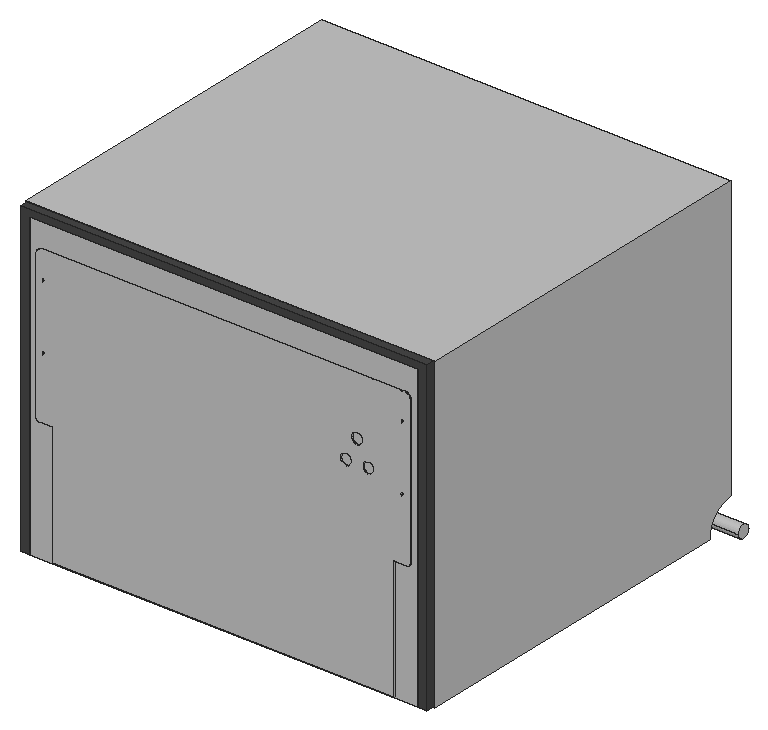
Revit family "FP_Revit_18_DD24STX6HI1_DishDrawer_90001205A", category Specialty Equipment, Revit 2018
Family settings
  Round Connector Dimension = Use Diameter
  Part Type = Normal
  OmniClass Number = 23.40.40.14.31
  OmniClass Title = Cleaning and Disposal Equipment
  Work Plane-Based = No
  Always vertical = Yes
  Cut with Voids When Loaded = Yes
  Shared = No
  Room Calculation Point = No
Parameters (values of type "DD24STX6HI1")
  Visibility - Door Panel = no
  Visibility - Clearance Required = yes
  URL = "www.fisherpaykel.com"
  Product - Width = 599 mm  # constant formula
  Product - Height = 454 mm  # constant formula
  Product - Depth = 571 mm  # constant formula
  Panel - Depth [instance] = 18 mm
  Model = "DD24STX6HI1"
  Material - Trim = Fisher & Paykel - Black
  Material - Front = Fisher & Paykel - Stainless Steel
  Material - Body = Fisher & Paykel - Grey
  Manufacturer = "Fisher & Paykel Appliances"
  FFL Offset [instance] = 406 mm
  Description = "24\" DishDrawer, Integrated"
  Connector Description - Water = "Supplied hose to suit 3/8\" (9 mm) male compression fitting"
  Connector Description - Venting = "Vent Ducting Kit Provided, refer to instalation guide"
  Connector Description - Sanitary = "Drain Hose, No Fitting Required"
  Connector Description - Electrical = "120 V, 60 Hz, 15A, fused electrical supply"
  Chassis - Depth = 553 mm  # constant formula
  Cavity - Width = 600 mm  # constant formula
  Cavity - Depth (excluding front panel) = 560 mm  # constant formula
Types (3, lengths in mm): name | Model
  (no name) | "DD24STX6HI1"
  DD24STX6I1 | "DD24STX6I1"
  DD24STX6HI1 | "DD24STX6HI1"
Reference planes
  plane 1 "Datum": y = 0
  plane 2: z = 0
  plane 3 "Center (Left/Right)": x = 0
  plane 4: z = 0
  plane 5 "Product LHS": x = -299.5
  plane 6 "Product RHS": x = 299.5
  plane 7 "Product - Depth": y = 553
  plane 8 "Cavity LHS": x = -300
  plane 9 "Cavity RHS": x = 300
  plane 10 "Cavity - Depth": y = 560
  plane 11 "FFL Offset": z = 406
  plane 12 "Product - Height": z = 860
  plane 13 "Cavity - Height": z = 862
  plane 14 "Door Panel - Depth": y = -18
Forms (mm)
  Extrusion 1, solid, material "Fisher & Paykel - Grey" <- "Material - Body"
    sketch origin (0, 0, 0) x (0, 1, 0) y (0, 0, 1)
      loop
        line (12.5, 860) -> (12.5, 406) -> (510.35, 406) -> (510.35, 450.298) -> (553, 450.298) -> (553, 860) -> (12.5, 860)
    from -299.5 to 299.5
  Extrusion 2, solid, material "Fisher & Paykel - Grey" <- "Material - Body", detail levels fine
    sketch origin (0, 0, 0) x (1, 0, 0) y (0, 0, 1)
      loop
        line (-274, 805.176) -> (-274, 591.952)
        arc (-274, 591.952) -> (-272.536, 588.416) -> (-269, 586.952) r 5
        line (-269, 586.952) -> (-250, 586.952) -> (-250, 408.926) -> (250, 408.926) -> (250, 586.952) -> (269, 586.952)
        arc (269, 586.952) -> (272.536, 588.416) -> (274, 591.952) r 5
        line (274, 591.952) -> (274, 805.176)
        arc (274, 805.176) -> (271.071, 812.247) -> (264, 815.176) r 10
        line (264, 815.176) -> (-264, 815.176)
        arc (-264, 815.176) -> (-271.071, 812.247) -> (-274, 805.176) r 10
      loop
        circle (262.5, 774.452) r 1.941
      loop
        circle (262.5, 678.952) r 2
      loop
        circle (-262.5, 774.452) r 1.941
      loop
        circle (-262.5, 678.952) r 2
      loop
        circle (196.5, 728.952) r 8
      loop
        circle (213, 695.952) r 8
      loop
        circle (180, 695.952) r 8
    from 0 to 0.8
  Extrusion 3, solid, material "Fisher & Paykel - Black" <- "Material - Trim"
    sketch origin (0, 0, 0) x (1, 0, 0) y (0, 0, 1)
      loop
        line (-297.5, 860) -> (-297.5, 407) -> (-283.999, 407) -> (-283.999, 850) -> (284, 850) -> (284, 407) -> (297.5, 407) -> (297.5, 860) -> (-297.5, 860)
    from -12.5 to 0
  Sweep 4, solid, material "Fisher & Paykel - Grey" <- "Material - Body", detail levels medium+fine
    path origin (0, 537.938, 5) x (1, 0, 0) y (0, 0, 1)
      loop
        line (-134.5, 445.298) -> (-134.5, 432.132)
        arc (-134.5, 432.132) -> (-140.358, 417.989) -> (-154.5, 412.132) r 20
        line (-154.5, 412.132) -> (-349.5, 412.132)
    profile origin (-134.5, 537.938, 443.715) x (0, -1, 0) y (1, 0, 0)
      loop
        circle (0, 0) r 9
  Sweep 5, solid, material "Fisher & Paykel - Grey" <- "Material - Body", detail levels medium+fine
    path origin (0, 0, 0) x (1, 0, 0) y (0, 0, 1)
      loop
        line (-349.186, 414.851) -> (-218.186, 414.851)
        arc (-218.186, 414.851) -> (-204.044, 420.709) -> (-198.186, 434.851) r 20
        line (-198.186, 434.851) -> (-198.186, 450.298)
    profile origin (-198.186, 0, 442.575) x (-1, 0, 0) y (0, -1, 0)
      loop
        circle (0, -524.105) r 5
  Extrusion 6, solid, material "Fisher & Paykel - Clearance Required", visible <- "Visibility - Clearance Required", detail levels coarse
    sketch origin (0, 0, 0) x (0, 1, 0) y (0, 0, 1)
      loop
        line (-18, 406) -> (-18, 860) -> (-545, 860) -> (-545, 791) -> (-586, 791) -> (-586, 774.997) -> (-545, 774.997) -> (-545, 406) -> (-18, 406)
    from -300 to 300
  Extrusion 7, solid, material "Fisher & Paykel - Clearance Required", visible <- "Visibility - Clearance Required", detail levels coarse
    sketch origin (0, 0, 0) x (1, 0, 0) y (0, 1, 0)
      loop
        line (300, 560) -> (-300, 560) -> (-300, -18) -> (300, -18) -> (300, 560)
    from 406 to 862
  Extrusion 8, solid, material "Fisher & Paykel - Grey" <- "Material - Body"
    sketch origin (0, 0, 0) x (1, 0, 0) y (0, 0, 1)
      loop
        line (-283.999, 850) -> (-283.999, 407) -> (284, 407) -> (284, 850) -> (-283.999, 850)
    from -12.5 to 0
  Extrusion 9, solid, material "Fisher & Paykel - Grey" <- "Material - Body", detail levels fine
    sketch origin (0, 0, 0) x (0, 1, 0) y (0, 0, 1)
      loop
        arc (545.956, 440.845) -> (549.529, 442.356) -> (550.933, 445.972) r 4.979
        line (550.933, 445.972) -> (550.933, 450.298) -> (510.35, 450.298) -> (510.35, 422.689) -> (530.184, 440.845) -> (545.956, 440.845)
    from -229.8 to -91.607
  Sweep 10, solid, material "Fisher & Paykel - Grey" <- "Material - Body", detail levels medium+fine
    path origin (0, 0, 0) x (1, 0, 0) y (0, 1, 0)
      loop
        line (-47.875, 510.35) -> (-47.875, 529.222)
        arc (-47.875, 529.222) -> (-52.269, 539.828) -> (-62.875, 544.222) r 15
        line (-62.875, 544.222) -> (-349.5, 544.222)
    profile origin (-47.875, 519.786, 0) x (-1, 0, 0) y (0, 0, 1)
      loop
        circle (0, 430.3) r 5
  Extrusion 11, solid, material "Fisher & Paykel - Grey" <- "Material - Body"
    sketch origin (0, 0, 0) x (0, 1, 0) y (0, 0, 1)
      loop
        line (510.35, 450.298) -> (510.35, 406) -> (514.35, 406)
        arc (514.35, 406) -> (525.48, 434.009) -> (553, 446.298) r 40
        line (553, 446.298) -> (553, 450.298) -> (510.35, 450.298)
    from 288.5 to 299.5
  Extrusion 12, solid, material "Fisher & Paykel - Grey" <- "Material - Body"
    sketch origin (0, 0, 0) x (0, 1, 0) y (0, 0, -1)
      loop
        line (510.35, -450.298) -> (553, -450.298) -> (553, -446.298)
        arc (553, -446.298) -> (525.48, -434.009) -> (514.35, -406) r 40
        line (514.35, -406) -> (510.35, -406) -> (510.35, -450.298)
    from 288.5 to 299.5
  Extrusion 13, solid, material "Fisher & Paykel - Stainless Steel" <- "Material - Front", visible <- "Visibility - Door Panel", detail levels fine
    sketch origin (0, 0, -1.893) x (1, 0, 0) y (0, 0, 1)
      loop
        line (-298, 861.893) -> (-298, 409.893) -> (298, 409.893) -> (298, 861.893) -> (-298, 861.893)
    from 0.8 to 18
  Sweep 14, solid, material "Fisher & Paykel - Grey" <- "Material - Body", detail levels medium+fine
    path origin (0, 537.938, 5) x (1, 0, 0) y (0, 0, 1)
      loop
        line (200, 445.298) -> (200, 432.132)
        arc (200, 432.132) -> (205.858, 417.989) -> (220, 412.132) r 20
        line (220, 412.132) -> (330, 412.132)
    profile origin (200, 537.938, 443.715) x (0, -1, 0) y (1, 0, 0)
      loop
        circle (0, 0) r 9
  Extrusion 15, void
    sketch origin (0, 0, 0) x (1, 0, 0) y (0, 1, 0)
      loop
        line (300, 560) -> (-300, 560) -> (-300, -18) -> (300, -18) -> (300, 560)
    from 406 to 862
Cuts and joins
  joined: Extrusion 1, Extrusion 11, Extrusion 12
Text (mm)
  text "Due to ongoing product development, product details are subject to change without notice. \nPlease always refer to www.fisherpaykel.com for the most current product information. \n© Fisher & Paykel 2020" at (41.04, -690.05, 0), in view "Ref. Level (Plan)"
Dimensions and locks
  equal spacing: plane 5 "Product LHS", plane 3 "Center (Left/Right)", plane 6 "Product RHS"
  "Product - Width": plane 5 "Product LHS" to plane 6 "Product RHS"
  "Chassis - Depth": plane 1 "Datum" to plane 7 "Product - Depth"
  equal spacing: plane 8 "Cavity LHS", plane 3 "Center (Left/Right)", plane 9 "Cavity RHS"
  "Cavity - Width": plane 8 "Cavity LHS" to plane 9 "Cavity RHS"
  Extrusion 1 sketch curve to Extrusion 1 sketch curve = 454 mm
  Extrusion 2 sketch curve to plane 11 "FFL Offset" = 180.952 mm
  plane 12 "Product - Height" to Extrusion 2 sketch curve = 44.824 mm
  locked: plane 13 "Cavity - Height" to plane 12 "Product - Height" at 2
  "Panel - Depth": plane 14 "Door Panel - Depth" to plane 1 "Datum"
  locked: plane 11 "FFL Offset" to Sweep 10 sketch curve at 24.3
  equal spacing: Extrusion 13 sketch curve, plane 3 "Center (Left/Right)", Extrusion 13 sketch curve
  locked: Extrusion 13 sketch curve to Extrusion 13 sketch curve at 596
  "Product - Height": plane 11 "FFL Offset" to plane 12 "Product - Height"
  locked: Extrusion 6 to Extrusion 8 at 1
  "FFL Offset": level to plane 11 "FFL Offset"
  locked: plane 11 "FFL Offset" to Extrusion 13 at 2
  plane 14 "Door Panel - Depth" to plane 7 "Product - Depth" = 571 mm
  plane 10 "Cavity - Depth" to plane 1 "Datum" = 560 mm
  aligned and locked: level to plane 2
  aligned and locked: plane 12 "Product - Height" to Extrusion 1
  aligned and locked: Extrusion 6 to plane 9 "Cavity RHS"
  aligned and locked: plane 8 "Cavity LHS" to Extrusion 6
  aligned and locked: Extrusion 7 sketch curve to plane 8 "Cavity LHS"
  aligned and locked: Extrusion 7 sketch curve to plane 9 "Cavity RHS"
  aligned and locked: plane 10 "Cavity - Depth" to Extrusion 7 sketch curve
  aligned and locked: Extrusion 6 sketch curve to plane 11 "FFL Offset"
  aligned and locked: Extrusion 1 sketch curve to plane 11 "FFL Offset"
  aligned and locked: Extrusion 3 to Extrusion 8  (x2)
  aligned and locked: cut or joined group of Extrusion 1, Extrusion 11, Extrusion 12 to Sweep 4 sketch curve
  aligned and locked: Extrusion 13 to Extrusion 6
  aligned and locked: Extrusion 7 to Extrusion 6
  aligned and locked: plane 14 "Door Panel - Depth" to Extrusion 13
  aligned and locked: plane 11 "FFL Offset" to Extrusion 7
  aligned and locked: plane 13 "Cavity - Height" to Extrusion 7
  aligned and locked: Extrusion 15 to Extrusion 7
  aligned and locked: plane 11 "FFL Offset" to Extrusion 15
  aligned and locked: Extrusion 3 to Extrusion 6
  aligned and locked: plane 12 "Product - Height" to Extrusion 13
  aligned and locked: plane 12 "Product - Height" to Extrusion 6
Automatic sketch dimensions
  Extrusion 1 sketch curve to plane 7 "Product - Depth" = 0 mm
  Extrusion 1 sketch curve to plane 7 "Product - Depth" = 42.65 mm
  Extrusion 1 sketch curve to plane 1 "Datum" = 12.5 mm
  Extrusion 1 sketch curve to plane 11 "FFL Offset" = 44.298 mm
  Extrusion 2 sketch curve to plane 5 "Product LHS" = 25.5 mm
  Extrusion 2 sketch curve to Extrusion 2 sketch curve = 5 mm
  Extrusion 2 sketch curve to Extrusion 2 sketch curve = 10 mm  (x2)
  Extrusion 2 sketch curve to Extrusion 2 sketch curve = 1.5 mm  (x2)
  Extrusion 2 sketch curve to plane 5 "Product LHS" = 37 mm
  Extrusion 2 sketch curve to Extrusion 2 sketch curve = 19 mm  (x2)
  plane 6 "Product RHS" to Extrusion 2 sketch curve = 119.5 mm
  Extrusion 2 sketch curve to Extrusion 2 sketch curve = 16.5 mm
  Extrusion 2 sketch curve to Extrusion 2 sketch curve = 33 mm  (x2)
  plane 6 "Product RHS" to Extrusion 2 sketch curve = 49.5 mm
  plane 6 "Product RHS" to Extrusion 2 sketch curve = 37 mm  (x2)
  Extrusion 2 sketch curve to plane 11 "FFL Offset" = 2.926 mm
  Extrusion 2 sketch curve to Extrusion 2 sketch curve = 178.026 mm
  Extrusion 2 sketch curve to Extrusion 2 sketch curve = 87 mm  (x2)
  Extrusion 2 sketch curve to Extrusion 2 sketch curve = 17 mm
  Extrusion 2 sketch curve to Extrusion 2 sketch curve = 0 mm
  Extrusion 2 sketch curve to Extrusion 2 sketch curve = 30.724 mm  (x2)
  Extrusion 3 sketch curve to plane 5 "Product LHS" = 2 mm
  Extrusion 3 sketch curve to plane 5 "Product LHS" = 15.501 mm
  plane 6 "Product RHS" to Extrusion 3 sketch curve = 15.5 mm
  plane 6 "Product RHS" to Extrusion 3 sketch curve = 2 mm
  Extrusion 3 sketch curve to plane 11 "FFL Offset" = 1 mm  (x2)
  Extrusion 3 sketch curve to plane 12 "Product - Height" = 10 mm
  Extrusion 3 sketch curve to plane 12 "Product - Height" = 0 mm
  Sweep 4 sketch curve to plane 11 "FFL Offset" = 11.132 mm
  Sweep 4 sketch curve to plane 5 "Product LHS" = 145 mm
  Sweep 4 sketch curve to Sweep 4 sketch curve = 20 mm
  plane 8 "Cavity LHS" to Sweep 4 sketch curve = 49.5 mm
  Sweep 4 sketch curve to profile plane = 0 mm
  profile plane to Sweep 4 sketch curve = 0 mm
  Sweep 5 sketch curve to plane 11 "FFL Offset" = 8.851 mm
  Sweep 5 sketch curve to plane 5 "Product LHS" = 81.314 mm
  Sweep 5 sketch curve to Sweep 5 sketch curve = 20 mm
  plane 8 "Cavity LHS" to Sweep 5 sketch curve = 49.186 mm
  Sweep 5 sketch curve to Sweep 5 sketch curve = 15.447 mm
  Sweep 5 sketch curve to profile plane = 0 mm
  Sweep 5 sketch curve to plane 1 "Datum" = 524.105 mm
  Extrusion 6 sketch curve to plane 14 "Door Panel - Depth" = 0 mm
  Extrusion 6 sketch curve to plane 12 "Product - Height" = 0 mm
  plane 14 "Door Panel - Depth" to Extrusion 6 sketch curve = 527 mm
  Extrusion 6 sketch curve to Extrusion 6 sketch curve = 0 mm
  Extrusion 6 sketch curve to Extrusion 6 sketch curve = 41 mm
  Extrusion 6 sketch curve to Extrusion 6 sketch curve = 85.003 mm
  Extrusion 6 sketch curve to Extrusion 6 sketch curve = 16.003 mm
  plane 14 "Door Panel - Depth" to Extrusion 7 sketch curve = 0 mm
  Extrusion 8 sketch curve to plane 11 "FFL Offset" = 1 mm
  Extrusion 8 sketch curve to plane 5 "Product LHS" = 15.501 mm
  plane 6 "Product RHS" to Extrusion 8 sketch curve = 15.5 mm
  Extrusion 8 sketch curve to plane 12 "Product - Height" = 10 mm
  Extrusion 9 sketch curve to plane 7 "Product - Depth" = 42.65 mm
  Extrusion 9 sketch curve to Extrusion 9 sketch curve = 19.834 mm
  Extrusion 9 sketch curve to plane 7 "Product - Depth" = 7.044 mm
  Extrusion 9 sketch curve to plane 7 "Product - Depth" = 2.067 mm
  Extrusion 9 sketch curve to plane 11 "FFL Offset" = 16.689 mm
  Extrusion 9 sketch curve to Extrusion 9 sketch curve = 18.156 mm
  Extrusion 9 sketch curve to Extrusion 9 sketch curve = 4.979 mm
  Extrusion 9 sketch curve to Extrusion 9 sketch curve = 4.326 mm
  Sweep 10 sketch curve to plane 7 "Product - Depth" = 8.778 mm
  Sweep 10 sketch curve to plane 3 "Center (Left/Right)" = 62.875 mm
  Sweep 10 sketch curve to Sweep 10 sketch curve = 15 mm
  plane 8 "Cavity LHS" to Sweep 10 sketch curve = 49.5 mm
  Sweep 10 sketch curve to Sweep 10 sketch curve = 18.872 mm
  Sweep 10 sketch curve to profile plane = 0 mm
  plane 11 "FFL Offset" to Extrusion 11 sketch curve = 0 mm
  Extrusion 11 sketch curve to plane 7 "Product - Depth" = 0 mm
  Extrusion 11 sketch curve to plane 7 "Product - Depth" = 38.65 mm
  Extrusion 11 sketch curve to Extrusion 11 sketch curve = 42.65 mm
  Extrusion 11 sketch curve to plane 11 "FFL Offset" = 0.321 mm
  plane 7 "Product - Depth" to Extrusion 11 sketch curve = 1.349 mm
  Extrusion 11 sketch curve to Extrusion 11 sketch curve = 4 mm
  plane 11 "FFL Offset" to Extrusion 12 sketch curve = 0 mm
  Extrusion 12 sketch curve to plane 7 "Product - Depth" = 0 mm
  Extrusion 12 sketch curve to plane 7 "Product - Depth" = 38.65 mm
  Extrusion 12 sketch curve to plane 7 "Product - Depth" = 42.65 mm
  Extrusion 12 sketch curve to plane 11 "FFL Offset" = 0.321 mm
  plane 7 "Product - Depth" to Extrusion 12 sketch curve = 1.349 mm
  Extrusion 12 sketch curve to Extrusion 12 sketch curve = 4 mm
  Extrusion 13 sketch curve to plane 11 "FFL Offset" = 2 mm
  Extrusion 13 sketch curve to plane 12 "Product - Height" = 0 mm
  Sweep 14 sketch curve to plane 11 "FFL Offset" = 31.132 mm
  plane 6 "Product RHS" to Sweep 14 sketch curve = 99.5 mm
  Sweep 14 sketch curve to Sweep 14 sketch curve = 20 mm
  Sweep 14 sketch curve to plane 9 "Cavity RHS" = 30 mm
  Sweep 14 sketch curve to Sweep 14 sketch curve = 13.167 mm
  Sweep 14 sketch curve to profile plane = 0 mm
  profile plane to Sweep 14 sketch curve = 0 mm
  Extrusion 15 sketch curve to plane 8 "Cavity LHS" = 0 mm
  Extrusion 15 sketch curve to plane 9 "Cavity RHS" = 0 mm
  plane 14 "Door Panel - Depth" to Extrusion 15 sketch curve = 0 mm
  Extrusion 15 sketch curve to plane 10 "Cavity - Depth" = 0 mm
  radius of Extrusion 2 sketch curve = 1.941 mm  (x2)
  radius of Extrusion 2 sketch curve = 2 mm  (x2)
  radius of Extrusion 2 sketch curve = 8 mm  (x3)
  radius of Sweep 4 sketch curve = 9 mm
  radius of Sweep 5 sketch curve = 5 mm
  radius of Sweep 10 sketch curve = 5 mm
  radius of Sweep 14 sketch curve = 9 mm
Connectors
  piping at (-349.186, 524.105, 414.851), diameter 10, driven by "Connector Description - Water"
    settings: on Sweep 5, index 2, connector inside diameter 609.6 mm, connector length 0 mm, flow factor 0, pipe flow 0.0 L/s, pressure drop 0.0 Pa, fitting loss kfactor 0, connector angle 0.00°, fixture units 0, engagement length 0 mm, angle of deflection 0.00°, flow configuration 0, flow direction 1, fitting loss method 0, system type 20, joint type 0, gender type 0, connector reference index -1, connector utility 0, adjustable connector no, is connector primary yes, connector description "Supplied hose to suit 3/8\" (9 mm) male compression fitting"
  piping at (-349.5, 537.938, 417.132), diameter 15.9, driven by "Connector Description - Sanitary"
    settings: on Sweep 4, index 4, connector inside diameter 609.6 mm, connector length 0 mm, flow factor 0, pipe flow 0.0 L/s, pressure drop 0.0 Pa, fitting loss kfactor 0, connector angle 0.00°, fixture units 0, engagement length 0 mm, angle of deflection 0.00°, flow configuration 0, flow direction 2, fitting loss method 0, system type 16, joint type 0, gender type 0, connector reference index -1, connector utility 0, adjustable connector no, is connector primary no, connector description "Drain Hose, No Fitting Required"
  electrical at (-349.5, 544.222, 430.3), driven by "Connector Description - Electrical"
    settings: on Sweep 10, index 5, voltage 230 V, apparent load 0 VA, apparent load phase1 0 VA, apparent load phase2 0 VA, apparent load phase3 0 VA, power factor 1, load classification "Other", number of poles 1, system type 30, power factor state 1, is connector primary yes, connector utility no, sub classification motor no, connector description "120 V, 60 Hz, 15A, fused electrical supply"
  piping at (330, 537.938, 417.132), diameter 17, driven by "Connector Description - Venting"
    settings: on Sweep 14, index 6, connector inside diameter 609.6 mm, connector length 0 mm, flow factor 0, pipe flow 0.0 L/s, pressure drop 0.0 Pa, fitting loss kfactor 0, connector angle 0.00°, fixture units 0, engagement length 0 mm, angle of deflection 0.00°, flow configuration 0, flow direction 2, fitting loss method 0, system type 17, joint type 0, gender type 0, connector reference index -1, connector utility 0, adjustable connector no, is connector primary no, connector description "Vent Ducting Kit Provided, refer to instalation guide"
